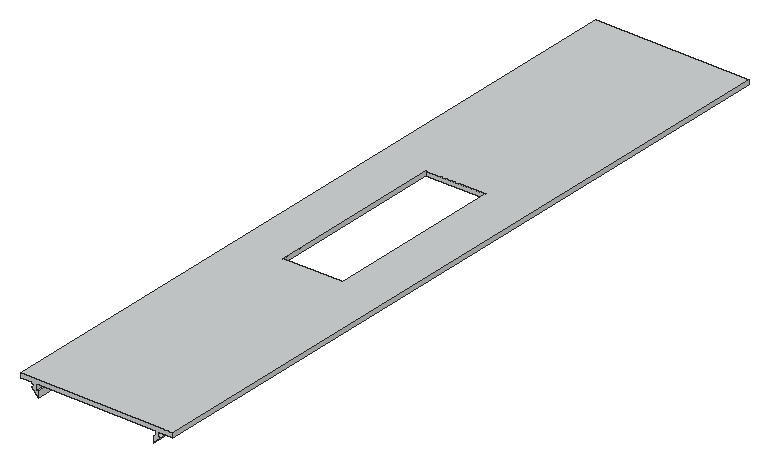
Revit family "Specialty_Equipment-Metal_Raceway-Hubbell_Wiring-Ortronics_Cover_Plate-HBLALU57ABRT", category Specialty Equipment, host Face, Revit 2015
Parameters (values of type "HBLALU57ABRT")
  URL = "http://www.hubbell-wiring.com/"
  Product data url = "https://bimobject.com/hubbellwiring/product/hubbell-metal-raceway-alu5000"
  Product Page URL = "http://ecatalog.hubbell-wiring.com/ProductInformation/ViewCatalog.aspx?Dest=hubbell-wiring.com/press/catalog/r.pdf"
  Product Documentation Link = "http://www.hubbell-wiring.com/press/pdfs/h5233r08.pdf"
  Model = "HBLALU57ABRT"  # constant formula
  Manufacturer = "Hubbell Wiring Device Kellems"  # constant formula
  Host Note = "Add in Section View; Host to Wall"  # constant formula
  Description = "Ortronics Cover Plate"  # constant formula
  Default Elevation = 48.00"
  Cable Tray Material = Metal-Hubbell-Aluminium
  B = 12.00"
  Assembly Code = "D5090900"
  A = 2.54"
Reference planes (in)
  plane 1 "Center (Front/Back)": y = 0
  plane 2: z = 0
  plane 3 "Center (Left/Right)": x = 0
  plane 4: z = 1.585
  plane 5: y = 6
  plane 6: y = -6
  plane 7: x = -1.27
  plane 8: x = 1.27
  plane 9: y = 1.5
  plane 10: y = -1.5
Forms (in)
  Extrusion 1, solid, material "Metal-Hubbell-Aluminium" <- "Cable Tray Material"
    sketch origin (0, 0, 0) x (1, 0, 0) y (0, 0, 1)
      loop
        line (-1.27, 1.65981) -> (-1.27, 1.585) -> (-1.08047, 1.585)
        arc (-1.08047, 1.585) -> (-1.04559, 1.55149) -> (-1.07767, 1.51529) r 0.03491
        line (-1.07767, 1.51529) -> (-0.9637, 1.40132) -> (-0.9637, 1.5052) -> (-0.99569, 1.5052) -> (-0.99569, 1.585) -> (0.98819, 1.585) -> (0.98819, 1.5052) -> (0.9562, 1.5052) -> (0.9562, 1.40132) -> (1.07017, 1.51529)
        arc (1.07017, 1.51529) -> (1.03809, 1.55149) -> (1.07298, 1.585) r 0.03491
        line (1.07298, 1.585) -> (1.27, 1.585) -> (1.27, 1.65981) -> (-1.27, 1.65981)
    from -6 to 6
  Extrusion 2, void, detail levels medium+fine
    sketch origin (0, 0, 0) x (1, 0, 0) y (0, 1, 0)
      loop
        line (-0.5, 1.5) -> (-0.5, -1.5) -> (0.5, -1.5) -> (0.5, 1.5) -> (-0.5, 1.5)
    from 1.585 to 1.65981
Cuts and joins
  Extrusion 2 cuts Extrusion 1
Lines and regions (in)
  reference lines
    curve 1: line (-1.19375, 1.4, 1.585) -> (-1.19375, -1.4, 1.585)
    curve 2: line (0.72625, -1.4, 1.585) -> (0.72625, 1.4, 1.585)
    curve 3: line (-1.27, 0, 1.65981) -> (-1.27, 0, 1.585)
    curve 4: line (1.27, 0, 1.65981) -> (-1.27, 0, 1.65981)
    curve 5: line (1.27, 0, 1.585) -> (1.27, 0, 1.65981)
    curve 6: line (1.07298, 0, 1.585) -> (1.27, 0, 1.585)
    curve 7: arc (1.07017, 0, 1.51529) -> (1.03809, 0, 1.55149) -> (1.07298, 0, 1.585) r 0.03491
    curve 8: line (0.9562, 0, 1.40132) -> (1.07017, 0, 1.51529)
    curve 9: line (0.9562, 0, 1.5052) -> (0.9562, 0, 1.40132)
    curve 10: line (0.98819, 0, 1.5052) -> (0.9562, 0, 1.5052)
    curve 11: line (0.98819, 0, 1.585) -> (0.98819, 0, 1.5052)
    curve 12: line (-0.99569, 0, 1.585) -> (0.98819, 0, 1.585)
    curve 13: line (-0.99569, 0, 1.5052) -> (-0.99569, 0, 1.585)
    curve 14: line (-0.9637, 0, 1.5052) -> (-0.99569, 0, 1.5052)
    curve 15: line (-0.9637, 0, 1.40132) -> (-0.9637, 0, 1.5052)
    curve 16: line (-1.07767, 0, 1.51529) -> (-0.9637, 0, 1.40132)
    curve 17: arc (-1.08047, 0, 1.585) -> (-1.04559, 0, 1.55149) -> (-1.07767, 0, 1.51529) r 0.03491
    curve 18: line (-1.27, 0, 1.585) -> (-1.08047, 0, 1.585)
    curve 31: line (-0.5, -1.5, 0) -> (-0.5, 1.5, 0)
    curve 32: line (-0.5, 1.5, 0) -> (0.5, 1.5, 0)
    curve 33: line (0.5, -1.5, 0) -> (-0.5, -1.5, 0)
    curve 34: line (0.5, 1.5, 0) -> (0.5, -1.5, 0)
  symbolic lines
    curve 19: line (0, 6, 1.585) -> (0, -6, 1.585)
    curve 20: line (0, 6, 1.65981) -> (0, 6, 1.585)
    curve 21: line (0, -6, 1.65981) -> (0, 6, 1.65981)
    curve 22: line (0, -6, 1.585) -> (0, -6, 1.65981)
    curve 23: line (-1.27, 6, 0) -> (-1.27, -6, 0)
    curve 24: line (-1.27, -6, 0) -> (1.27, -6, 0)
    curve 25: line (1.27, -6, 0) -> (1.27, 6, 0)
    curve 26: line (1.27, 6, 0) -> (-1.27, 6, 0)
    curve 27: line (1.27, 0, 1.585) -> (-1.27, 0, 1.585)
    curve 28: line (1.27, 0, 1.65981) -> (1.27, 0, 1.585)
    curve 29: line (-1.27, 0, 1.65981) -> (1.27, 0, 1.65981)
    curve 30: line (-1.27, 0, 1.585) -> (-1.27, 0, 1.65981)
    curve 35: line (-0.5, 1.5, 0) -> (-0.5, -1.5, 0)
    curve 36: line (0.5, 1.5, 0) -> (-0.5, 1.5, 0)
    curve 37: line (0.5, -1.5, 0) -> (0.5, 1.5, 0)
    curve 38: line (-0.5, -1.5, 0) -> (0.5, -1.5, 0)
Dimensions and locks (in)
  equal spacing: plane 5, plane 1 "Center (Front/Back)", plane 6
  "B": plane 5 to plane 6
  plane 4 to host face = 1.585"
  equal spacing: curve 31, plane 3 "Center (Left/Right)", curve 34  (x2)
  equal spacing: plane 9, plane 1 "Center (Front/Back)", plane 10
  plane 9 to plane 10 = 3.00"
  "A": plane 7 to plane 8
  equal spacing: plane 7, plane 3 "Center (Left/Right)", plane 8
  aligned and locked: plane 2 to host face
  aligned and locked: level to host face
  aligned and locked: Extrusion 1 sketch curve to curve 3
  aligned and locked: Extrusion 1 sketch curve to curve 4
  aligned and locked: Extrusion 1 sketch curve to curve 5
  aligned and locked: Extrusion 1 sketch curve to curve 7
  aligned and locked: Extrusion 1 sketch curve to curve 8
  aligned and locked: Extrusion 1 sketch curve to curve 9
  aligned and locked: Extrusion 1 sketch curve to curve 10
  aligned and locked: Extrusion 1 sketch curve to curve 11
  aligned and locked: Extrusion 1 sketch curve to curve 12
  aligned and locked: Extrusion 1 sketch curve to curve 13
  aligned and locked: Extrusion 1 sketch curve to curve 14
  aligned and locked: Extrusion 1 sketch curve to curve 15
  aligned and locked: Extrusion 1 sketch curve to curve 16
  aligned and locked: Extrusion 1 sketch curve to curve 17
  aligned and locked: Extrusion 1 sketch curve to curve 18
  aligned and locked: plane 5 to Extrusion 1
  aligned and locked: Extrusion 1 to plane 6
  aligned and locked: curve 20 to plane 5
  aligned and locked: plane 4 to curve 19
  aligned and locked: plane 6 to curve 22
  aligned and locked: curve 32 to plane 9
  aligned and locked: plane 10 to curve 33
  aligned and locked: Extrusion 2 sketch curve to curve 32
  aligned and locked: Extrusion 2 sketch curve to curve 34
  aligned and locked: Extrusion 2 sketch curve to curve 33
  aligned and locked: Extrusion 2 sketch curve to curve 31
  aligned and locked: Extrusion 2 to plane 4
  aligned and locked: Extrusion 2 to curve 20
  aligned and locked: curve 35 to cut or joined group of Extrusion 1, Extrusion 2
  aligned and locked: curve 36 to cut or joined group of Extrusion 1, Extrusion 2
  aligned and locked: curve 37 to cut or joined group of Extrusion 1, Extrusion 2
  aligned and locked: curve 38 to cut or joined group of Extrusion 1, Extrusion 2
  aligned and locked: curve 25 to plane 8
  aligned and locked: curve 23 to plane 7
  aligned and locked: plane 5 to curve 26
  aligned and locked: curve 24 to plane 6
  aligned and locked: Extrusion 1 to Extrusion 2  (x2)
  aligned and locked: curve 29 to cut or joined group of Extrusion 1, Extrusion 2
  aligned and locked: plane 4 to curve 27
  aligned and locked: plane 7 to curve 30
  aligned and locked: plane 8 to curve 28
Automatic sketch dimensions
  host sketch curve to host sketch curve = 96.00"  (x2)
  curve 3 to plane 4 = 0.00"
  curve 3 to plane 7 = 0.00"
  plane 8 to curve 4 = 0.00"
  plane 4 to curve 4 = 0.07481"
  curve 5 to plane 4 = 0.00"
  plane 8 to curve 6 = 0.19703"
  curve 7 to curve 7 = 0.00281"
  curve 7 to plane 4 = 0.03491"
  curve 8 to curve 8 = 0.11397"  (x2)
  curve 9 to plane 4 = 0.0798"
  curve 9 to curve 10 = 0.03199"
  curve 11 to plane 4 = 0.00"
  plane 7 to curve 12 = 0.27431"
  curve 13 to plane 4 = 0.0798"
  curve 13 to curve 14 = 0.03199"
  curve 15 to curve 15 = 0.10388"
  curve 16 to plane 4 = 0.06971"
  curve 16 to curve 13 = 0.08198"
  curve 17 to plane 4 = 0.03491"
  plane 7 to curve 1 = 0.07625"
  plane 8 to curve 2 = 0.54375"
  plane 1 "Center (Front/Back)" to curve 2 = 1.40"
  plane 1 "Center (Front/Back)" to curve 1 = 1.40"
  curve 31 to plane 3 "Center (Left/Right)" = 0.50"
  curve 1 to plane 9 = 0.10"
  curve 2 to plane 9 = 0.10"
  curve 27 to plane 4 = 0.00"
